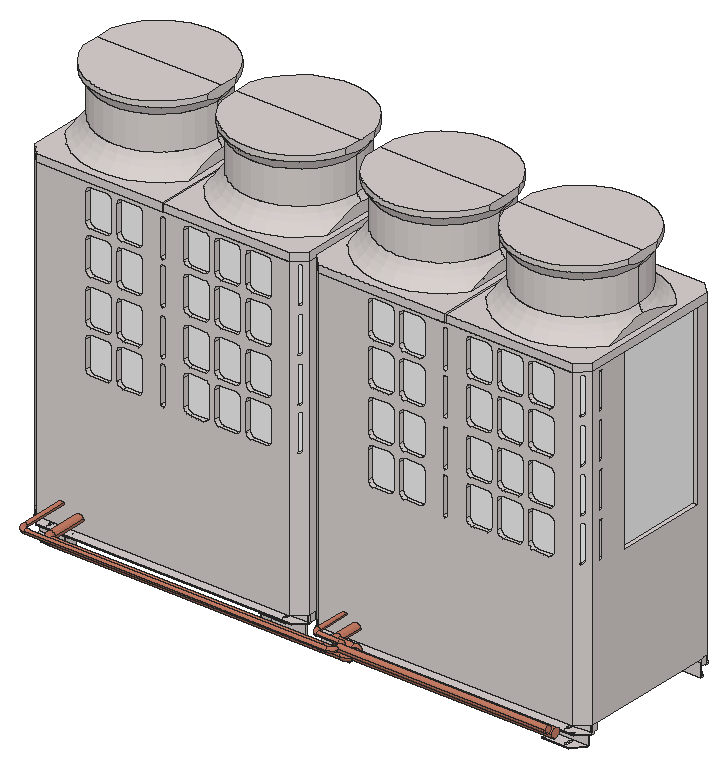
Revit family "PURY-EP850YSNW-A1", category 機械設備, Revit 2016 (continued)
Definition of nested family "PURY-EP400YNW-A1"
  Lines and regions (mm)
    model lines
      curve 52: line (-620, 235.7, 705) -> (-620, -162.3, 705)
      curve 53: line (-620, 176.7, 268) -> (-620, -103.3, 268)
      curve 54: line (-620, -103.3, 248) -> (-620, 176.7, 248)
      curve 55: arc (-620, 186.7, 258) -> (-620, 183.771, 265.071) -> (-620, 176.7, 268) r 10
      curve 56: arc (-620, 176.7, 248) -> (-620, 183.771, 250.929) -> (-620, 186.7, 258) r 10
      curve 57: arc (-620, -103.3, 268) -> (-620, -110.371, 265.071) -> (-620, -113.3, 258) r 10
      curve 58: arc (-620, -113.3, 258) -> (-620, -110.371, 250.929) -> (-620, -103.3, 248) r 10
      curve 59: line (-620, 176.7, 373) -> (-620, -103.3, 373)
      curve 60: line (-620, -103.3, 353) -> (-620, 176.7, 353)
      curve 61: arc (-620, 186.7, 363) -> (-620, 183.771, 370.071) -> (-620, 176.7, 373) r 10
      curve 62: arc (-620, 176.7, 353) -> (-620, 183.771, 355.929) -> (-620, 186.7, 363) r 10
      curve 63: arc (-620, -103.3, 373) -> (-620, -110.371, 370.071) -> (-620, -113.3, 363) r 10
      curve 64: arc (-620, -113.3, 363) -> (-620, -110.371, 355.929) -> (-620, -103.3, 353) r 10
      curve 65: line (-620, 176.7, 478) -> (-620, -103.3, 478)
      curve 66: line (-620, -103.3, 458) -> (-620, 176.7, 458)
      curve 67: arc (-620, 186.7, 468) -> (-620, 183.771, 475.071) -> (-620, 176.7, 478) r 10
      curve 68: arc (-620, 176.7, 458) -> (-620, 183.771, 460.929) -> (-620, 186.7, 468) r 10
      curve 69: arc (-620, -103.3, 478) -> (-620, -110.371, 475.071) -> (-620, -113.3, 468) r 10
      curve 70: arc (-620, -113.3, 468) -> (-620, -110.371, 460.929) -> (-620, -103.3, 458) r 10
      curve 71: line (-620, 176.7, 583) -> (-620, -103.3, 583)
      curve 72: line (-620, -103.3, 563) -> (-620, 176.7, 563)
      curve 73: arc (-620, 186.7, 573) -> (-620, 183.771, 580.071) -> (-620, 176.7, 583) r 10
      curve 74: arc (-620, 176.7, 563) -> (-620, 183.771, 565.929) -> (-620, 186.7, 573) r 10
      curve 75: arc (-620, -103.3, 583) -> (-620, -110.371, 580.071) -> (-620, -113.3, 573) r 10
      curve 76: arc (-620, -113.3, 573) -> (-620, -110.371, 565.929) -> (-620, -103.3, 563) r 10
      curve 77: line (-544, 370, 1521) -> (-544, 370, 95)
      curve 78: line (489, 370, 649) -> (30, 370, 649)
      curve 79: line (-30.5, 370, 649) -> (-544, 370, 649)
      curve 80: line (-147.25, 370, 584) -> (-427.25, 370, 584)
      curve 81: line (-427.25, 370, 564) -> (-147.25, 370, 564)
      curve 82: arc (-137.25, 370, 574) -> (-140.179, 370, 581.071) -> (-147.25, 370, 584) r 10
      curve 83: arc (-147.25, 370, 564) -> (-140.179, 370, 566.929) -> (-137.25, 370, 574) r 10
      curve 84: arc (-427.25, 370, 584) -> (-434.321, 370, 581.071) -> (-437.25, 370, 574) r 10
      curve 85: arc (-437.25, 370, 574) -> (-434.321, 370, 566.929) -> (-427.25, 370, 564) r 10
      curve 86: circle (448, -185, 1521) r 15 normal (0, 0, 1)
      curve 87: circle (468, -185, 95) r 26 normal (0, 0, 1)
      curve 88: circle (448, -260, 95) r 32.5 normal (0, 0, 1)
      curve 89: circle (404, -204, 95) r 17 normal (0, 0, 1)
      curve 90: line (-550, -370, 1521) -> (-550, -370, 95)
      curve 91: line (-550, -370, 716) -> (-30, -370, 716)
      curve 92: line (550, -370, 95) -> (550, -370, 1521)
      curve 93: line (30, -370, 716) -> (550, -370, 716)
      curve 94: line (-30.5, 370, 1521) -> (-30.5, 370, 95)
      curve 95: line (30, 370, 1521) -> (30, 370, 95)
      curve 96: line (489, 370, 1521) -> (489, 370, 95)
      curve 97: line (467, 370, 669) -> (467, 370, 649)
      curve 98: line (-352, -370, 223) -> (-550, -370, 223)
      curve 99: line (-342, -370, 213) -> (-342, -370, 95)
      curve 100: arc (-342, -370, 213) -> (-344.929, -370, 220.071) -> (-352, -370, 223) r 10
      curve 101: circle (488, -370, 160) r 32.5 normal (0, -1, 0)
      curve 102: circle (488, -370, 160) r 20 normal (0, -1, 0)
      curve 103: circle (364, -370, 150) r 17 normal (0, -1, 0)
      curve 104: circle (413, -370, 185) r 26 normal (0, -1, 0)
      curve 105: circle (413, -370, 185) r 13.5 normal (0, -1, 0)
      curve 106: line (352, -370, 223) -> (550, -370, 223)
      curve 107: line (342, -370, 213) -> (342, -370, 95)
      curve 108: arc (342, -370, 213) -> (344.929, -370, 220.071) -> (352, -370, 223) r 10
      curve 109: line (-147.25, 370, 479) -> (-427.25, 370, 479)
      curve 110: line (-427.25, 370, 459) -> (-147.25, 370, 459)
      curve 111: arc (-137.25, 370, 469) -> (-140.179, 370, 476.071) -> (-147.25, 370, 479) r 10
      curve 112: arc (-147.25, 370, 459) -> (-140.179, 370, 461.929) -> (-137.25, 370, 469) r 10
      curve 113: arc (-427.25, 370, 479) -> (-434.321, 370, 476.071) -> (-437.25, 370, 469) r 10
      curve 114: arc (-437.25, 370, 469) -> (-434.321, 370, 461.929) -> (-427.25, 370, 459) r 10
      curve 115: line (-147.25, 370, 374) -> (-427.25, 370, 374)
      curve 116: line (-427.25, 370, 354) -> (-147.25, 370, 354)
      curve 117: arc (-137.25, 370, 364) -> (-140.179, 370, 371.071) -> (-147.25, 370, 374) r 10
      curve 118: arc (-147.25, 370, 354) -> (-140.179, 370, 356.929) -> (-137.25, 370, 364) r 10
      curve 119: arc (-427.25, 370, 374) -> (-434.321, 370, 371.071) -> (-437.25, 370, 364) r 10
      curve 120: arc (-437.25, 370, 364) -> (-434.321, 370, 356.929) -> (-427.25, 370, 354) r 10
      curve 121: line (-147.25, 370, 269) -> (-427.25, 370, 269)
      curve 122: line (-427.25, 370, 249) -> (-147.25, 370, 249)
      curve 123: arc (-137.25, 370, 259) -> (-140.179, 370, 266.071) -> (-147.25, 370, 269) r 10
      curve 124: arc (-147.25, 370, 249) -> (-140.179, 370, 251.929) -> (-137.25, 370, 259) r 10
      curve 125: arc (-427.25, 370, 269) -> (-434.321, 370, 266.071) -> (-437.25, 370, 259) r 10
      curve 126: arc (-437.25, 370, 259) -> (-434.321, 370, 251.929) -> (-427.25, 370, 249) r 10
      curve 127: line (399.5, 370, 584) -> (119.5, 370, 584)
      curve 128: line (119.5, 370, 564) -> (399.5, 370, 564)
      curve 129: arc (409.5, 370, 574) -> (406.571, 370, 581.071) -> (399.5, 370, 584) r 10
      curve 130: arc (399.5, 370, 564) -> (406.571, 370, 566.929) -> (409.5, 370, 574) r 10
      curve 131: arc (119.5, 370, 584) -> (112.429, 370, 581.071) -> (109.5, 370, 574) r 10
      curve 132: arc (109.5, 370, 574) -> (112.429, 370, 566.929) -> (119.5, 370, 564) r 10
      curve 133: line (399.5, 370, 479) -> (119.5, 370, 479)
      curve 134: line (119.5, 370, 459) -> (399.5, 370, 459)
      curve 135: arc (409.5, 370, 469) -> (406.571, 370, 476.071) -> (399.5, 370, 479) r 10
      curve 136: arc (399.5, 370, 459) -> (406.571, 370, 461.929) -> (409.5, 370, 469) r 10
      curve 137: arc (119.5, 370, 479) -> (112.429, 370, 476.071) -> (109.5, 370, 469) r 10
      curve 138: arc (109.5, 370, 469) -> (112.429, 370, 461.929) -> (119.5, 370, 459) r 10
      curve 139: line (399.5, 370, 374) -> (119.5, 370, 374)
      curve 140: line (119.5, 370, 354) -> (399.5, 370, 354)
      curve 141: arc (409.5, 370, 364) -> (406.571, 370, 371.071) -> (399.5, 370, 374) r 10
      curve 142: arc (399.5, 370, 354) -> (406.571, 370, 356.929) -> (409.5, 370, 364) r 10
      curve 143: arc (119.5, 370, 374) -> (112.429, 370, 371.071) -> (109.5, 370, 364) r 10
      curve 144: arc (109.5, 370, 364) -> (112.429, 370, 356.929) -> (119.5, 370, 354) r 10
      curve 145: line (399.5, 370, 269) -> (119.5, 370, 269)
      curve 146: line (119.5, 370, 249) -> (399.5, 370, 249)
      curve 147: arc (409.5, 370, 259) -> (406.571, 370, 266.071) -> (399.5, 370, 269) r 10
      curve 148: arc (399.5, 370, 249) -> (406.571, 370, 251.929) -> (409.5, 370, 259) r 10
      curve 149: arc (119.5, 370, 269) -> (112.429, 370, 266.071) -> (109.5, 370, 259) r 10
      curve 150: arc (109.5, 370, 259) -> (112.429, 370, 251.929) -> (119.5, 370, 249) r 10
      curve 151: line (399.5, -370, 584) -> (119.5, -370, 584)
      curve 152: line (119.5, -370, 564) -> (399.5, -370, 564)
      curve 153: arc (409.5, -370, 574) -> (406.571, -370, 581.071) -> (399.5, -370, 584) r 10
      curve 154: arc (399.5, -370, 564) -> (406.571, -370, 566.929) -> (409.5, -370, 574) r 10
      curve 155: arc (119.5, -370, 584) -> (112.429, -370, 581.071) -> (109.5, -370, 574) r 10
      curve 156: arc (109.5, -370, 574) -> (112.429, -370, 566.929) -> (119.5, -370, 564) r 10
      curve 157: line (399.5, -370, 479) -> (119.5, -370, 479)
      curve 158: line (119.5, -370, 459) -> (399.5, -370, 459)
      curve 159: arc (409.5, -370, 469) -> (406.571, -370, 476.071) -> (399.5, -370, 479) r 10
      curve 160: arc (399.5, -370, 459) -> (406.571, -370, 461.929) -> (409.5, -370, 469) r 10
      curve 161: arc (119.5, -370, 479) -> (112.429, -370, 476.071) -> (109.5, -370, 469) r 10
      curve 162: arc (109.5, -370, 469) -> (112.429, -370, 461.929) -> (119.5, -370, 459) r 10
      curve 163: line (399.5, -370, 374) -> (119.5, -370, 374)
      curve 164: line (119.5, -370, 354) -> (399.5, -370, 354)
      curve 165: arc (409.5, -370, 364) -> (406.571, -370, 371.071) -> (399.5, -370, 374) r 10
      curve 166: arc (399.5, -370, 354) -> (406.571, -370, 356.929) -> (409.5, -370, 364) r 10
      curve 167: arc (119.5, -370, 374) -> (112.429, -370, 371.071) -> (109.5, -370, 364) r 10
      curve 168: arc (109.5, -370, 364) -> (112.429, -370, 356.929) -> (119.5, -370, 354) r 10
      curve 169: arc (119.5, -370, 269) -> (112.429, -370, 266.071) -> (109.5, -370, 259) r 10
      curve 170: arc (109.5, -370, 259) -> (112.429, -370, 251.929) -> (119.5, -370, 249) r 10
      curve 171: line (-147.25, -370, 584) -> (-427.25, -370, 584)
      curve 172: line (-427.25, -370, 564) -> (-147.25, -370, 564)
      curve 173: arc (-137.25, -370, 574) -> (-140.179, -370, 581.071) -> (-147.25, -370, 584) r 10
      curve 174: arc (-147.25, -370, 564) -> (-140.179, -370, 566.929) -> (-137.25, -370, 574) r 10
      curve 175: arc (-427.25, -370, 584) -> (-434.321, -370, 581.071) -> (-437.25, -370, 574) r 10
      curve 176: arc (-437.25, -370, 574) -> (-434.321, -370, 566.929) -> (-427.25, -370, 564) r 10
      curve 177: line (-147.25, -370, 479) -> (-427.25, -370, 479)
      curve 178: line (-427.25, -370, 459) -> (-147.25, -370, 459)
      curve 179: arc (-137.25, -370, 469) -> (-140.179, -370, 476.071) -> (-147.25, -370, 479) r 10
      curve 180: arc (-147.25, -370, 459) -> (-140.179, -370, 461.929) -> (-137.25, -370, 469) r 10
      curve 181: arc (-427.25, -370, 479) -> (-434.321, -370, 476.071) -> (-437.25, -370, 469) r 10
      curve 182: arc (-437.25, -370, 469) -> (-434.321, -370, 461.929) -> (-427.25, -370, 459) r 10
      curve 183: line (-147.25, -370, 374) -> (-427.25, -370, 374)
      curve 184: line (-427.25, -370, 354) -> (-147.25, -370, 354)
      curve 185: arc (-137.25, -370, 364) -> (-140.179, -370, 371.071) -> (-147.25, -370, 374) r 10
      curve 186: arc (-147.25, -370, 354) -> (-140.179, -370, 356.929) -> (-137.25, -370, 364) r 10
      curve 187: arc (-427.25, -370, 374) -> (-434.321, -370, 371.071) -> (-437.25, -370, 364) r 10
      curve 188: arc (-437.25, -370, 364) -> (-434.321, -370, 356.929) -> (-427.25, -370, 354) r 10
      curve 189: line (-147.25, -370, 269) -> (-262.25, -370, 269)
      curve 190: line (-262.25, -370, 249) -> (-147.25, -370, 249)
      curve 191: arc (-137.25, -370, 259) -> (-140.179, -370, 266.071) -> (-147.25, -370, 269) r 10
      curve 192: arc (-147.25, -370, 249) -> (-140.179, -370, 251.929) -> (-137.25, -370, 259) r 10
      curve 193: arc (-262.25, -370, 269) -> (-269.321, -370, 266.071) -> (-272.25, -370, 259) r 10
      curve 194: arc (-272.25, -370, 259) -> (-269.321, -370, 251.929) -> (-262.25, -370, 249) r 10
      curve 195: line (234.5, -370, 269) -> (119.5, -370, 269)
      curve 196: line (119.5, -370, 249) -> (234.5, -370, 249)
      curve 197: arc (244.5, -370, 259) -> (241.571, -370, 266.071) -> (234.5, -370, 269) r 10
      curve 198: arc (234.5, -370, 249) -> (241.571, -370, 251.929) -> (244.5, -370, 259) r 10
  Dimensions and locks
    nested 2 to nested 2 = 303.000 mm
    cut or joined group 1 (Extrusion 1, Extrusion 2, Extrusion 3, Extrusion 4, Extrusion 5, Extrusion 6, Extrusion 7, Extrusion 8, Extrusion 9, Extrusion 10, Extrusion 11, Extrusion 12, Extrusion 13, Extrusion 14, Extrusion 15, Extrusion 16, Extrusion 17, Extrusion 18, Extrusion 19, Extrusion 20, Extrusion 21, Extrusion 22, Extrusion 23, Extrusion 24, Extrusion 25, Extrusion 26, Extrusion 27, Extrusion 28, Extrusion 29, Extrusion 30, Extrusion 31, Extrusion 32, Extrusion 33) to cut or joined group 1 = 1240.000 mm
    Extrusion 2 sketch curve to Extrusion 2 sketch curve = 116.800 mm
    Extrusion 2 sketch curve to Extrusion 2 sketch curve = 170.800 mm
    Extrusion 3 sketch curve to Extrusion 3 sketch curve = 116.800 mm
    Extrusion 3 sketch curve to Extrusion 3 sketch curve = 170.800 mm
    Extrusion 4 sketch curve to Extrusion 4 sketch curve = 116.800 mm
    Extrusion 4 sketch curve to Extrusion 4 sketch curve = 170.800 mm
    Extrusion 5 sketch curve to Extrusion 5 sketch curve = 116.800 mm
    Extrusion 5 sketch curve to Extrusion 5 sketch curve = 170.800 mm
    Extrusion 6 sketch curve to Extrusion 6 sketch curve = 116.800 mm
    Extrusion 6 sketch curve to Extrusion 6 sketch curve = 170.800 mm
    Extrusion 7 sketch curve to Extrusion 7 sketch curve = 116.800 mm
    Extrusion 7 sketch curve to Extrusion 7 sketch curve = 170.800 mm
    Extrusion 8 sketch curve to Extrusion 8 sketch curve = 116.800 mm
    Extrusion 8 sketch curve to Extrusion 8 sketch curve = 170.800 mm
    Extrusion 9 sketch curve to Extrusion 9 sketch curve = 116.800 mm
    Extrusion 9 sketch curve to Extrusion 9 sketch curve = 170.800 mm
    cut or joined group 1 to cut or joined group 1 = 50.000 mm  (x2)
    Extrusion 10 sketch curve to Extrusion 10 sketch curve = 116.800 mm
    Extrusion 10 sketch curve to Extrusion 10 sketch curve = 170.800 mm
    Extrusion 11 sketch curve to Extrusion 11 sketch curve = 116.800 mm
    Extrusion 11 sketch curve to Extrusion 11 sketch curve = 170.800 mm
    Extrusion 12 sketch curve to Extrusion 12 sketch curve = 116.800 mm
    Extrusion 12 sketch curve to Extrusion 12 sketch curve = 170.800 mm
    Extrusion 13 sketch curve to Extrusion 13 sketch curve = 116.800 mm
    Extrusion 13 sketch curve to Extrusion 13 sketch curve = 170.800 mm
    Extrusion 14 sketch curve to Extrusion 14 sketch curve = 116.800 mm
    Extrusion 14 sketch curve to Extrusion 14 sketch curve = 170.800 mm
    Extrusion 15 sketch curve to Extrusion 15 sketch curve = 116.800 mm
    Extrusion 15 sketch curve to Extrusion 15 sketch curve = 170.800 mm
    Extrusion 16 sketch curve to Extrusion 16 sketch curve = 116.800 mm
    Extrusion 16 sketch curve to Extrusion 16 sketch curve = 170.800 mm
    Extrusion 17 sketch curve to Extrusion 17 sketch curve = 116.800 mm
    Extrusion 17 sketch curve to Extrusion 17 sketch curve = 170.800 mm
    Extrusion 18 sketch curve to Extrusion 18 sketch curve = 116.800 mm
    Extrusion 18 sketch curve to Extrusion 18 sketch curve = 170.800 mm
    Extrusion 19 sketch curve to Extrusion 19 sketch curve = 116.800 mm
    Extrusion 19 sketch curve to Extrusion 19 sketch curve = 170.800 mm
    Extrusion 20 sketch curve to Extrusion 20 sketch curve = 116.800 mm
    Extrusion 20 sketch curve to Extrusion 20 sketch curve = 170.800 mm
    Extrusion 21 sketch curve to Extrusion 21 sketch curve = 116.800 mm
    Extrusion 21 sketch curve to Extrusion 21 sketch curve = 170.800 mm
    plane 3 "Center (Left/Right)" to cut or joined group 1 = 620.000 mm
    cut or joined group 1 to plane 3 "Center (Left/Right)" = 620.000 mm
    Extrusion 1 sketch curve to Extrusion 1 sketch curve = 1240.000 mm
    cut or joined group 1 to plane 8 = 185.000 mm
    cut or joined group 1 to plane 7 = 166.000 mm
    cut or joined group 1 to plane 6 = 110.000 mm
    cut or joined group 1 to plane 12 to cut or joined group 1 = 805.000 mm, 621.000 mm
    plane 5 to plane 2 = 1858.000 mm  (x2)
    cut or joined group 1 to plane 19 "132" = 132.000 mm
    cut or joined group 1 to plane 22 = 207.000 mm
    cut or joined group 1 to plane 23 = 256.000 mm
    cut or joined group 1 to plane 6 = 60.000 mm
    cut or joined group 1 to cut or joined group 1 = 42.154 mm
    cut or joined group 1 to cut or joined group 1 = 11.895 mm
    nested 1 to nested 3 to level = 1798.000 mm, 60.000 mm
    nested 1 to nested 1 = 303.000 mm
    nested 1 to nested 3 = 1495.000 mm
    nested 8 to nested 8 to nested 8 to nested 7 to nested 7 to nested 7 = 54.000 mm, 20.000 mm, 592.000 mm, 20.000 mm, 54.000 mm
    nested 3 to nested 3 = 56.000 mm
    plane 11 to plane 31 to plane 32 to cut or joined group 1 = 90.000 mm, 1060.000 mm, 90.000 mm
    curve 103 to nested 7 = 90.000 mm
    curve 104 to nested 7 = 125.000 mm
    curve 101 to nested 7 = 100.000 mm
    curve 11 to curve 13 to nested 7 = 84.000 mm, 71.000 mm
    cut or joined group 1 to curve 12 to curve 14 = 125.000 mm, 148.000 mm
    nested 2 to nested 7 = 1495.000 mm
    curve 87 to cut or joined group 1 = 152.000 mm
    curve 88 to cut or joined group 1 = 172.000 mm
    curve 89 to cut or joined group 1 = 216.000 mm
    cut or joined group 1 to curve 4 to curve 2 = 128.000 mm, 150.000 mm
    cut or joined group 1 to curve 1 to curve 3 = 79.000 mm, 94.000 mm
    Extrusion 32 sketch curve to nested 7 = 116.000 mm
    cut or joined group 1 to Extrusion 32 sketch curve = 160.000 mm
    cut or joined group 1 to Extrusion 33 sketch curve = 243.000 mm
    Extrusion 33 sketch curve to nested 7 = 116.000 mm
    aligned and locked: level to plane 2
    aligned and locked: Extrusion 1 to plane 4
  Nested families
    nested 1: "FAN GUARD" at (-311.5, 2, 860), type "FAN GUARD"
      with WIDTH 870.000 mm
    nested 2: "FAN GUARD" at (311.5, 2, 860) x (-1, 0, 0) z (0, 0, 1), type "FAN GUARD"
      with WIDTH 870.000 mm
    nested 3: "ATTACHMENT LEG" at (-524, -349, 0), type "ATTACHMENT LEG"
    nested 4: "ATTACHMENT LEG" at (-524, 349, 0), type "ATTACHMENT LEG"
    nested 5: "ATTACHMENT LEG" at (524, -349, 0) x (-1, 0, 0) z (0, 0, 1), type "ATTACHMENT LEG"
    nested 6: "ATTACHMENT LEG" at (524, 349, 0) x (-1, 0, 0) z (0, 0, 1), type "ATTACHMENT LEG"
    nested 7: "BASE LEG_L_" at (0, -352, 60), type "BASE LEG_L_"
      with Width 1240.000 mm
    nested 8: "BASE LEG_L_" at (0, 352, 60), type "BASE LEG_L_"
      with Width 1240.000 mm
  Connectors
    piping at (-460, -191, 176), diameter 25.4, driven by "Liquid pipe_radius"
      settings: on cut or joined group 1, index 3, connector inside diameter 25.4 mm, connector length 0.000 mm, flow factor 0, pipe flow 0.0 L/s, pressure drop 0.0 Pa, fitting loss kfactor 0, connector angle 0.00°, fixture units 0, engagement length 0.000 mm, angle of deflection 0.00°, flow configuration 0, flow direction 0, fitting loss method 0, system type 22, joint type 0, gender type 0, connector reference index -1, connector utility 0, adjustable connector no, is connector primary yes, connector description "Refrigerant service valve<Liquid pipe>"
    piping at (-377, -191, 176), diameter 28.58, driven by "Gas pipe_radius"
      settings: on cut or joined group 1, index 4, connector inside diameter 28.58 mm, connector length 0.000 mm, flow factor 0, pipe flow 0.0 L/s, pressure drop 0.0 Pa, fitting loss kfactor 0, connector angle 0.00°, fixture units 0, engagement length 0.000 mm, angle of deflection 0.00°, flow configuration 0, flow direction 0, fitting loss method 0, system type 22, joint type 0, gender type 0, connector reference index -1, connector utility 0, adjustable connector no, is connector primary no, connector description "Refrigerant service valve<Gas>"
    electrical at (0, -370, 808)
      settings: on cut or joined group 1, index 5, voltage 0 V, apparent load 0 VA, apparent load phase1 0 VA, apparent load phase2 0 VA, apparent load phase3 0 VA, power factor 1, load classification none, number of poles 1, system type 30, power factor state 1, is connector primary yes, connector utility no, sub classification motor no, connector description ""
  Definition of nested family "FAN GUARD"
    Parameters
      WIDTH [instance] = 870.000 mm
    Reference planes
      plane 1 "中心(正面/背面)": y = -2
      plane 2: z = 0
      plane 3 "ファンガード基準面": z = 661
      plane 4: y = 368
      plane 5: x = 366
      plane 6: x = -375
      plane 7 "ファンガード基準上面": z = 695
      plane 8 "ファンガード上面": z = 998
      plane 9: x = -273.971
      plane 10: x = 308.5
      plane 11: x = -308.5
      plane 12: x = 0
    Forms (mm)
      Extrusion 1, solid
        sketch origin (85, 0, 661) x (-1, 0, 0) y (0, -1, 0)
          loop
            line (343.5, -368) -> (393.5, -318) -> (393.5, 322) -> (343.5, 372) -> (-223.5, 372) -> (-223.5, -368) -> (343.5, -368)
        from 0 to 34
      Revolve 2, solid
        sketch origin (0, -2, 0) x (1, 0, 0) y (0, 0, 1)
          loop
            line (0, 695) -> (0, 998) -> (-290, 998) -> (-290, 972.327) -> (-260, 928.372) -> (-260, 777.384)
            arc (-260, 777.384) -> (-290.651, 730.137) -> (-334.665, 695) r 175.882
            line (-334.665, 695) -> (0, 695)
          axis (0, 998) -> (0, 695)
        angle from 0 to 360
      Extrusion 3, void
        sketch origin (-840, 75, 695) x (-1, 0, 0) y (0, -1, 0)
          loop
            line (-410, -165) -> (-410, 315) -> (-561.253, 315) -> (-561.253, -165) -> (-410, -165)
        from -35 to 430.592
      Extrusion 4, void
        sketch origin (840, 75, 695) x (1, 0, 0) y (0, 1, 0)
          loop
            line (-410, 165) -> (-561.253, 165) -> (-561.253, -315) -> (-410, -315) -> (-410, 165)
        from 0 to 430.592
    Cuts and joins
      Extrusion 3, Extrusion 4 cuts Revolve 2
      Extrusion 4 cuts Extrusion 1
    Lines and regions (mm)
      model lines
        curve 1: line (-278.747, 0, 998) -> (-80, 0, 998)
        curve 2: line (80, 0, 998) -> (278.747, 0, 998)
        curve 3: circle (0, 0, 998) r 80 normal (0, 0, 1)
        curve 4: line (-278.747, -80, 998) -> (278.747, -80, 998)
        curve 5: line (-241.868, -160, 998) -> (241.868, -160, 998)
        curve 6: line (-162.788, -240, 998) -> (162.788, -240, 998)
        curve 7: line (-278.747, 80, 998) -> (278.747, 80, 998)
        curve 8: line (-241.868, 160, 998) -> (240, 160, 998)
        curve 9: line (-160, 240, 998) -> (162.788, 240, 998)
        curve 10: line (0, 290, 998) -> (0, -290, 998)
        curve 11: line (-20, 289.31, 998) -> (-20, -289.31, 998)
        curve 12: line (-40, 287.228, 998) -> (-40, -287.228, 998)
        curve 13: line (-60, 283.725, 998) -> (-60, -283.725, 998)
        curve 14: line (-80, 278.747, 998) -> (-80, -278.747, 998)
        curve 15: line (20, 289.31, 998) -> (20, -289.31, 998)
        curve 16: line (40, 287.228, 998) -> (40, -287.228, 998)
        curve 17: line (60, 283.725, 998) -> (60, -283.725, 998)
        curve 18: line (80, 278.747, 998) -> (80, -278.747, 998)
        curve 19: line (100, 272.213, 998) -> (100, -272.213, 998)
        curve 20: line (120, 264.008, 998) -> (120, -264.008, 998)
        curve 21: line (140, 253.969, 998) -> (140, -253.969, 998)
        curve 22: line (160, 241.868, 998) -> (160, -243.132, 998)
        curve 23: line (180, 227.376, 998) -> (180, -227.624, 998)
        curve 24: line (200, 210, 998) -> (200, -210, 998)
        curve 25: line (220, 188.944, 998) -> (220, -188.944, 998)
        curve 26: line (240, 160, 998) -> (240, -162.788, 998)
        curve 27: line (260, 128.452, 998) -> (260, -128.452, 998)
        curve 28: line (-100, 272.213, 998) -> (-100, -272.213, 998)
        curve 29: line (-120, 264.008, 998) -> (-120, -264.008, 998)
        curve 30: line (-140, 253.969, 998) -> (-140, -253.969, 998)
        curve 31: line (-160, 240, 998) -> (-160, -241.868, 998)
        curve 32: line (-180, 227.376, 998) -> (-180, -227.376, 998)
        curve 33: line (-200, 210, 998) -> (-200, -210, 998)
        curve 34: line (-220, 188.944, 998) -> (-220, -188.944, 998)
        curve 35: line (-240, 162.788, 998) -> (-240, -162.788, 998)
        curve 36: line (-260, 128.452, 998) -> (-260, -128.452, 998)
        curve 37: line (10, 79.373, 998) -> (10, -79.373, 998)
        curve 38: line (-10, 79.373, 998) -> (-10, -79.373, 998)
        curve 39: line (30, 74.162, 998) -> (30, -74.162, 998)
        curve 40: line (50, 62.45, 998) -> (50, -62.45, 998)
        curve 41: line (70, 38.73, 998) -> (70, -38.73, 998)
        curve 42: line (-30, 74.162, 998) -> (-30, -74.162, 998)
        curve 43: line (-50, 62.45, 998) -> (-50, -62.45, 998)
        curve 44: line (-70, 38.73, 998) -> (-70, -38.73, 998)
    Dimensions and locks
      locked: plane 8 "ファンガード上面" to plane 7 "ファンガード基準上面" at 303
      plane 8 "ファンガード上面" to plane 3 "ファンガード基準面" = 337.000 mm
      Revolve 2 sketch curve to Revolve 2 sketch curve = 290.000 mm
      Extrusion 1 sketch curve to Extrusion 1 sketch curve = 740.000 mm
      equal spacing: Extrusion 1 sketch curve, plane 1 "中心(正面/背面)", Extrusion 1 sketch curve
      plane 6 to plane 5 = 741.000 mm
      Extrusion 1 sketch curve to Extrusion 1 sketch curve = 617.000 mm
      plane 11 to plane 10 = 617.000 mm
      cut or joined group of Extrusion 1, Extrusion 4 to cut or joined group of Extrusion 1, Extrusion 4 = 617.000 mm
      cut or joined group of Extrusion 1, Extrusion 4 to cut or joined group of Extrusion 1, Extrusion 4 = 740.000 mm
      aligned and locked: level to plane 2
      aligned and locked: plane 7 "ファンガード基準上面" to Extrusion 1
      aligned and locked: plane 3 "ファンガード基準面" to Extrusion 1
      aligned and locked: cut or joined group of Revolve 2, Extrusion 3, Extrusion 4 to plane 8 "ファンガード上面"
  Definition of nested family "ATTACHMENT LEG"
    Parameters
      Width = 145.000 mm
    Reference planes
      plane 1: z = 0
      plane 2 "中心(左/右)": x = -6
      plane 3: x = -52
      plane 4: x = 85
      plane 5: x = 93
      plane 6: y = -21
      plane 7: y = 27
      plane 8: x = -30
      plane 9: y = 39
      plane 10: z = 60
      plane 11: z = 57
      plane 12: z = 3
      plane 13: x = 82
      plane 14: y = 36
      plane 15: x = -75
      plane 16: y = 31
      plane 17 "幅": x = 93
      plane 18: y = 2.5
      plane 19: y = 21
      plane 20: y = -10
    Forms (mm)
      Extrusion 1, solid
        sketch origin (0, -1, 0) x (1, 0, 0) y (0, 1, 0)
          loop
            line (-75, 36) -> (-75, 27) -> (-28, -20) -> (93, -20) -> (93, 32) -> (85, 32) -> (85, 36) -> (-75, 36)
        from 0 to 60
      Extrusion 2, void
        sketch origin (0, -3, 0) x (1, 0, 0) y (0, 0, 1)
          loop
            line (-75, 57) -> (-75, 3) -> (82, 3) -> (82, 57) -> (-75, 57)
          loop
            line (93, 57) -> (85, 57) -> (85, 3) -> (93, 3) -> (93, 57)
        from -35 to 18
      Extrusion 3, void
        sketch origin (-6, 5.5, 0) x (1, 0, 0) y (0, 1, 0)
          loop
            arc (-7, -8.5) -> (0, -15.5) -> (7, -8.5) r 7
            line (7, -8.5) -> (7, 8.5)
            arc (7, 8.5) -> (0, 15.5) -> (-7, 8.5) r 7
            line (-7, 8.5) -> (-7, -8.5)
        from 0 to 60
    Cuts and joins
      Extrusion 2, Extrusion 3 cuts Extrusion 1
    Dimensions and locks
      locked: plane 3 to plane 4 at 137
      locked: plane 3 to plane 5 at 145
      plane 6 to plane 7 = 48.000 mm
      locked: plane 10 to level at 60
      Extrusion 3 sketch curve to plane 2 "中心(左/右)" = 7.000 mm
      locked: plane 15 to plane 2 "中心(左/右)" at 69
      locked: plane 15 to plane 8 at 45
      locked: plane 6 to plane 18 at 23.5
      cut or joined group of Extrusion 1, Extrusion 2, Extrusion 3 to cut or joined group of Extrusion 1, Extrusion 2, Extrusion 3 = 168.000 mm
      cut or joined group of Extrusion 1, Extrusion 2, Extrusion 3 to cut or joined group of Extrusion 1, Extrusion 2, Extrusion 3 = 56.000 mm  (x2)
      plane 14 to plane 6 = 57.000 mm
      aligned and locked: level to plane 1
      aligned and locked: Extrusion 1 sketch curve to plane 4
      aligned and locked: Extrusion 1 sketch curve to plane 5
      aligned: plane 8 to Extrusion 1 sketch curve
      aligned and locked: plane 10 to Extrusion 1
      aligned and locked: Extrusion 2 sketch curve to plane 11
      aligned: plane 3 to Extrusion 2 sketch curve
      aligned and locked: plane 12 to Extrusion 2 sketch curve
      aligned and locked: Extrusion 2 sketch curve to plane 13
      aligned and locked: plane 6 to Extrusion 2
      aligned and locked: plane 11 to Extrusion 2 sketch curve
      aligned and locked: plane 5 to Extrusion 2 sketch curve
      aligned and locked: Extrusion 2 sketch curve to plane 12
      aligned and locked: Extrusion 2 sketch curve to plane 4
      aligned and locked: plane 15 to Extrusion 1 sketch curve
      aligned and locked: Extrusion 2 sketch curve to cut or joined group of Extrusion 1, Extrusion 2, Extrusion 3
      aligned and locked: Extrusion 1 to plane 16
  Definition of nested family "BASE LEG_L_"
    Parameters
      Width [instance] = 1240.000 mm
    Reference planes
      plane 1 "中心(正面/背面)": y = 0
      plane 2: z = 0
      plane 3 "中心(左/右)": x = 0
      plane 4: x = 620
      plane 5: x = -620
      plane 6: x = -530
      plane 7: x = 530
      plane 8: y = -18
      plane 9: y = 39
      plane 10: z = 53
      plane 11: y = 42
      plane 12: y = 27
      plane 13: x = 575
      plane 14: x = -575
      plane 15: z = 8
      plane 16: y = 11.5
      plane 17: z = 35
    Forms (mm)
      Extrusion 1, solid
        sketch origin (0, 0, 0) x (0, 1, 0) y (0, 0, 1)
          loop
            line (-18, 0) -> (36, 0) -> (36, 32) -> (56, 32) -> (56, 35) -> (33, 35) -> (33, 3) -> (-18, 3) -> (-18, 0)
        from -620 to 620
      Extrusion 2, void
        sketch origin (0, 0, 0) x (1, 0, 0) y (0, 1, 0)
          loop
            line (575, -18) -> (620, -18) -> (620, 27) -> (575, -18)
          loop
            line (-575, -18) -> (-620, 27) -> (-620, -18) -> (-575, -18)
        from 0 to 250
      Extrusion 3, void
        sketch origin (0, 12.023, 0) x (1, 0, 0) y (0, 1, 0)
          loop
            arc (523, -2.971) -> (530, -9.971) -> (537, -2.971) r 7
            line (537, -2.971) -> (537, 3.023)
            arc (537, 3.023) -> (530, 10.023) -> (523, 3.023) r 7
            line (523, 3.023) -> (523, -2.971)
          loop
            line (-523, -2.971) -> (-523, 3.023)
            arc (-523, 3.023) -> (-530, 10.023) -> (-537, 3.023) r 7
            line (-537, 3.023) -> (-537, -2.971)
            arc (-537, -2.971) -> (-530, -9.971) -> (-523, -2.971) r 7
        from 0 to 250
      Extrusion 4, solid
        sketch origin (0, 0, -3) x (1, 0, 0) y (0, 0, 1)
          loop
            line (617, 8) -> (620, 8) -> (620, 35) -> (617, 35) -> (617, 8)
          loop
            line (-617, 8) -> (-617, 35) -> (-620, 35) -> (-620, 8) -> (-617, 8)
        from -36 to -56
      Extrusion 5, solid
        sketch origin (150, 352, 0) x (1, 0, 0) y (0, 1, 0)
          loop
            line (460, -319) -> (455, -319) -> (455, -320) -> (405, -370) -> (410, -370) -> (460, -320) -> (460, -319)
        from 3 to 35
      Extrusion 6, void
        sketch origin (560, -18, 0) x (0.707107, 0.707107, 0) y (0, 0, 1)
          loop
            line (70.711, 3) -> (-6.741, 39.767) -> (-6.741, 3) -> (70.711, 3)
        from -190.256 to 23.776
      Extrusion 7, solid
        sketch origin (-150, 352, 0) x (-1, 0, 0) y (0, -1, 0)
          loop
            line (460, 319) -> (460, 320) -> (410, 370) -> (405, 370) -> (455, 320) -> (455, 319) -> (460, 319)
        from 3 to 35
      Extrusion 8, void
        sketch origin (-560, -18, 0) x (0.707107, -0.707107, 0) y (0, 0, -1)
          loop
            line (-70.711, -3) -> (0, -35) -> (6.741, -35) -> (6.741, -3) -> (-70.711, -3)
        from -190.256 to 23.776
    Cuts and joins
      Extrusion 2, Extrusion 3 cuts Extrusion 1
      joined: Extrusion 1, Extrusion 4
      Extrusion 8 cuts Extrusion 7
      Extrusion 6 cuts Extrusion 5
    Dimensions and locks
      "Width": plane 5 to plane 4
      equal spacing: plane 5, plane 3 "中心(左/右)", plane 4
      locked: plane 5 to plane 6 at 90
      locked: plane 7 to plane 4 at 90
      locked: plane 8 to plane 9 at 57
      locked: plane 10 to level at 53
      locked: plane 9 to plane 11 at 3
      plane 8 to plane 12 = 45.000 mm
      locked: plane 13 to plane 4 at 45
      locked: plane 5 to plane 14 at 45
      equal spacing: Extrusion 3 sketch curve, plane 7, Extrusion 3 sketch curve
      equal spacing: Extrusion 3 sketch curve, plane 6, Extrusion 3 sketch curve
      locked: plane 10 to plane 15 at 45
      locked: cut or joined group of Extrusion 1, Extrusion 2, Extrusion 3, Extrusion 4 to Extrusion 4 sketch curve at 3  (x2)
      locked: plane 8 to plane 16 at 29.5
      plane 8 to plane 11 = 60.000 mm
      cut or joined group of Extrusion 1, Extrusion 2, Extrusion 3, Extrusion 4 to cut or joined group of Extrusion 1, Extrusion 2, Extrusion 3, Extrusion 4 = 35.000 mm
      aligned and locked: level to plane 2
      aligned and locked: plane 8 to Extrusion 1 sketch curve
      aligned and locked: plane 4 to Extrusion 1
      aligned and locked: Extrusion 1 to plane 5
      aligned and locked: Extrusion 2 sketch curve to plane 4
      aligned and locked: Extrusion 2 sketch curve to plane 8
      aligned and locked: plane 12 to Extrusion 2 sketch curve
      aligned and locked: plane 13 to Extrusion 2 sketch curve
      aligned and locked: plane 4 to Extrusion 4 sketch curve
      aligned and locked: plane 5 to Extrusion 4 sketch curve
      aligned and locked: cut or joined group of Extrusion 7, Extrusion 8 to cut or joined group of Extrusion 1, Extrusion 2, Extrusion 3, Extrusion 4
    Automatic sketch dimensions
      Extrusion 3 sketch curve to plane 1 "中心(正面/背面)" = 9.052 mm  (x2)
      Extrusion 3 sketch curve to plane 7 = 7.000 mm
      Extrusion 3 sketch curve to plane 1 "中心(正面/背面)" = 15.046 mm  (x2)
      Extrusion 3 sketch curve to plane 6 = 7.000 mm
      Extrusion 2 sketch curve to plane 5 = 0.000 mm
      plane 8 to Extrusion 2 sketch curve = 0.000 mm
      Extrusion 2 sketch curve to plane 14 = 0.000 mm
      plane 12 to Extrusion 2 sketch curve = 0.000 mm
      Extrusion 4 sketch curve to plane 10 = 21.000 mm
      plane 7 to Extrusion 5 sketch curve = 25.000 mm
      Extrusion 5 sketch curve to Extrusion 5 sketch curve = 5.000 mm  (x2)
      plane 7 to Extrusion 5 sketch curve = 75.000 mm
      plane 8 to Extrusion 5 sketch curve = 0.000 mm
      Extrusion 5 sketch curve to Extrusion 5 sketch curve = 50.000 mm
      Extrusion 5 sketch curve to Extrusion 5 sketch curve = 0.000 mm
      Extrusion 5 sketch curve to Extrusion 5 sketch curve = 1.000 mm
      Extrusion 6 sketch curve to Extrusion 5 = 0.000 mm  (x2)
      Extrusion 6 sketch curve to Extrusion 5 = 6.741 mm
      Extrusion 6 sketch curve to Extrusion 5 = 4.767 mm
      plane 6 to Extrusion 7 sketch curve = 25.000 mm
      Extrusion 7 sketch curve to Extrusion 7 sketch curve = 5.000 mm  (x2)
      Extrusion 7 sketch curve to Extrusion 7 sketch curve = 45.000 mm
      Extrusion 7 sketch curve to plane 8 = 0.000 mm
      Extrusion 7 sketch curve to Extrusion 7 sketch curve = 50.000 mm
      Extrusion 7 sketch curve to Extrusion 7 sketch curve = 0.000 mm
      Extrusion 7 sketch curve to Extrusion 7 sketch curve = 1.000 mm
      Extrusion 8 sketch curve to Extrusion 7 = 0.000 mm  (x2)
      Extrusion 7 to Extrusion 8 sketch curve = 0.000 mm  (x2)
      Extrusion 7 to Extrusion 8 sketch curve = 6.741 mm
      Extrusion 4 sketch curve to plane 17 = 3.000 mm
      Extrusion 4 sketch curve to plane 15 = 3.000 mm  (x2)
      Extrusion 1 sketch curve to plane 17 = 0.000 mm
      Extrusion 1 sketch curve to level = 0.000 mm
      level to Extrusion 1 sketch curve = 3.000 mm
      plane 9 to Extrusion 1 sketch curve = 6.000 mm
      plane 9 to Extrusion 1 sketch curve = 3.000 mm
      Extrusion 1 sketch curve to plane 17 = 3.000 mm
      Extrusion 1 sketch curve to plane 11 = 14.000 mm
Types (6, lengths in mm): name | Voltage | InstallationDate | Hertz | Heating Rated Load Ampacity (A) | Heating Current Input (Nominal) (A) | Heating Current Input (A) | Equip_description | Equip_ID | Description | CreatedOn | CreatedBy | Cooling Rated Load Ampacity (A) | Cooling Current Input (A) | Category | Barcode | AssetIdentifier
  PURY-EP850YSNW-A1_380V_50Hz | 380 V | "" | 50 Hz | 50 | 41.5 | 50 | "" | "" | "" | "" | "" | 47.3 | 47.3 | "" | "" | ""
  PURY-EP850YSNW-A1_380V_60Hz | 380 V | "0" | 60 Hz | 50 | 41.5 | 50 | "0" | "0" | "0" | "0" | "0" | 47.3 | 47.3 | "0" | "0" | "0"
  PURY-EP850YSNW-A1_400V_50Hz | 400 V | "0" | 50 Hz | 47.5 | 39.4 | 47.5 | "0" | "0" | "0" | "0" | "0" | 45 | 45 | "0" | "0" | "0"
  PURY-EP850YSNW-A1_400V_60Hz | 400 V | "0" | 60 Hz | 47.5 | 39.4 | 47.5 | "0" | "0" | "0" | "0" | "0" | 45 | 45 | "0" | "0" | "0"
  PURY-EP850YSNW-A1_415V_50Hz | 415 V | "0" | 50 Hz | 45.8 | 38 | 45.8 | "0" | "0" | "0" | "0" | "0" | 43.3 | 43.3 | "0" | "0" | "0"
  PURY-EP850YSNW-A1_415V_60Hz | 415 V | "0" | 60 Hz | 45.8 | 38 | 45.8 | "0" | "0" | "0" | "0" | "0" | 43.3 | 43.3 | "0" | "0" | "0"
